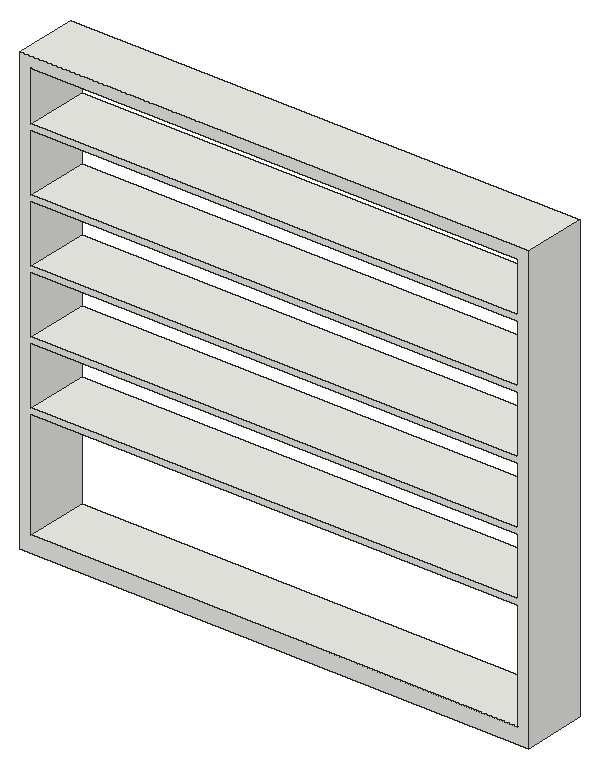
Revit family "fd7bdb1a855744128e406bd0e409b4de", category Furniture, Revit 2021
Family settings
  OmniClass Number = 23.40.20.27.11
  OmniClass Title = Shelves
  Seek Item ID = Shelving-0000-USA-ENU
  Work Plane-Based = No
  Always vertical = Yes
  Cut with Voids When Loaded = No
  Shared = No
  Room Calculation Point = No
Parameters (values of type "96" x 12" x 84"")
  Default Elevation = 0' - 0"
  Assembly Code = "E2020200"
  Depth = 1' - 0"
  Height = 7' - 0"
  Shelving Unit Material = Laminate, Ivory, Matte
  Width = 8' - 0"
Types (3): name | Depth | Height | Shelving Unit Material | Width
  (no name) | 1' - 0" | 7' - 0" | Laminate, Ivory, Matte | 8' - 0"
  36" x 10" x 72" | 0' - 10" | 6' - 0" | Birch | 3' - 0"
  96" x 12" x 84" | 1' - 0" | 7' - 0" | Laminate, Ivory, Matte | 8' - 0"
Reference planes (in)
  plane 1: y = -12
  plane 2: z = 0
  plane 3: x = 0
  plane 4 "Back": y = -6
  plane 5 "Front": y = -18
  plane 6 "Right": x = 48
  plane 7 "Left": x = -48
  plane 8: z = 84
  plane 9: x = -46
  plane 10: x = 46
  plane 11: x = -48
  plane 12: x = 48
  plane 13: z = 60
  plane 14: z = 36
  plane 15: z = 12
  plane 16: z = 72
  plane 17: z = 48
  plane 18: z = 24
Forms (in)
  Extrusion 1, solid, material "Laminate, Ivory, Matte" <- "Shelving Unit Material"
    sketch origin (0, 0, 0) x (1, 0, 0) y (0, 0, 1)
      loop
        line (-48, 0) -> (48, 0) -> (48, 84) -> (-48, 84) -> (-48, 0)
      loop
        line (-46, 82) -> (-46, 72.5) -> (46, 72.5) -> (46, 82) -> (-46, 82)
      loop
        line (-46, 3) -> (46, 3) -> (46, 23.5) -> (-46, 23.5) -> (-46, 3)
      loop
        line (46, 48.5) -> (46, 59.5) -> (-46, 59.5) -> (-46, 48.5) -> (46, 48.5)
      loop
        line (-46, 71.5) -> (-46, 60.5) -> (46, 60.5) -> (46, 71.5) -> (-46, 71.5)
      loop
        line (-46, 47.5) -> (-46, 36.5) -> (46, 36.5) -> (46, 47.5) -> (-46, 47.5)
      loop
        line (-46, 35.5) -> (-46, 24.5) -> (46, 24.5) -> (46, 35.5) -> (-46, 35.5)
    from 6 to 18
Lines and regions (in)
  Masking region 1
    outline origin (0, 0, 0) x (1, 0, 0) y (0, 1, 0)
      loop
        line (-48, -6) -> (-48, -18) -> (48, -18) -> (48, -6) -> (-48, -6)
Dimensions and locks (in)
  locked: plane 11 to plane 9 at 2
  plane 8 to Extrusion 1 sketch curve = 0' - 2"
  Extrusion 1 sketch curve to plane 2 = 0' - 3"
  "Width": plane 7 "Left" to plane 6 "Right"
  equal spacing: plane 7 "Left", plane 3, plane 6 "Right"
  equal spacing: plane 4 "Back", plane 1, plane 5 "Front"
  "Depth": plane 4 "Back" to plane 5 "Front"
  "Height": plane 8 to plane 2
  equal spacing: plane 8, plane 16, plane 13, plane 17, plane 14, plane 18, plane 15, plane 2
  locked: Extrusion 1 sketch curve to plane 16 at 0.5
  locked: plane 16 to Extrusion 1 sketch curve at 0.5
  locked: Extrusion 1 sketch curve to plane 13 at 0.5
  locked: plane 13 to Extrusion 1 sketch curve at 0.5
  locked: Extrusion 1 sketch curve to plane 17 at 0.5
  locked: plane 17 to Extrusion 1 sketch curve at 0.5
  locked: Extrusion 1 sketch curve to plane 14 at 0.5
  locked: plane 14 to Extrusion 1 sketch curve at 0.5
  locked: Extrusion 1 sketch curve to plane 18 at 0.5
  locked: plane 18 to Extrusion 1 sketch curve at 0.5
  locked: plane 10 to plane 12 at 2
  aligned and locked: Extrusion 1 to plane 5 "Front"
  aligned and locked: Extrusion 1 sketch curve to plane 11
  aligned and locked: Extrusion 1 sketch curve to plane 12
  aligned and locked: plane 11 to plane 7 "Left"
  aligned and locked: plane 12 to plane 6 "Right"
  aligned and locked: plane 4 "Back" to Extrusion 1
  aligned and locked: plane 10 to Extrusion 1 sketch curve  (x4)
  aligned and locked: Extrusion 1 sketch curve to Extrusion 1 sketch curve
  aligned and locked: plane 7 "Left" to Masking region 1 sketch curve
  aligned and locked: Masking region 1 sketch curve to plane 6 "Right"
  aligned and locked: plane 5 "Front" to Masking region 1 sketch curve
  aligned and locked: Masking region 1 sketch curve to plane 4 "Back"
Automatic sketch dimensions
  Extrusion 1 sketch curve to plane 9 = 0' - 0"  (x5)
  Extrusion 1 sketch curve to plane 10 = 0' - 0"  (x2)
  Extrusion 1 sketch curve to level = 0' - 0"
  Extrusion 1 sketch curve to plane 8 = 0' - 0"
